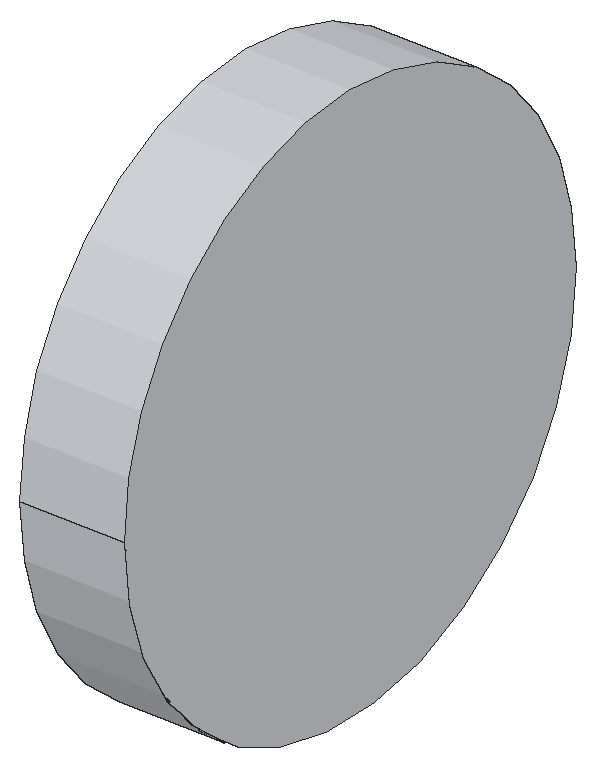
Revit family "89678d5465fe4f78954f64a92e348fc6", category Pipe Fittings, Revit 2021
Family settings
  Round Connector Dimension = Use Radius
  Part Type = Cap
  OmniClass Number = 23.60.30.11.14
  OmniClass Title = Pipework Fittings
  Seek Item ID = Flange - Blind - Steel - Class 1500-0000-USA-ENU
  Work Plane-Based = No
  Always vertical = Yes
  Cut with Voids When Loaded = No
  Shared = No
Parameters (values of type "Standard")
  Tick Size [instance] = Flange Outside Diameter * 0.4  # 1.88976"
  Raised Face Thickness [instance] = 1/4"  # constant formula
  Raised Face Radius [instance] = Raised Face Diameter / 2  # 0.68701"
  Raised Face Diameter [instance] = size_lookup(Lookup Table Name, "RFD", 1.11 * Nominal Diameter + 1 47/128", Nominal Diameter)  # 1.37402"
  Nominal Radius [instance] = 1/4"
  Nominal Diameter [instance] = Nominal Radius * 2  # 1/2"
  Loss Method = Not Defined
  Lookup Table Name = "Flange - Blind - Steel - Class 1500"
  Flange Thickness [instance] = size_lookup(Lookup Table Name, "FThk", 0.31 * Nominal Diameter + 239/256", Nominal Diameter)  # 0.87795"
  Flange Outside Radius [instance] = Flange Outside Diameter / 2  # 2.3622"
  Flange Outside Diameter [instance] = size_lookup(Lookup Table Name, "FOD", 1.77 * Nominal Diameter + 4 23/32", Nominal Diameter)  # 4.72441"
  Default Elevation = 0' - 0"
Reference planes (in)
  plane 1 "Center (Front/Back)": y = 0
  plane 2: z = 0
  plane 3 "Center (Left/Right)": x = 0
  plane 4: x = 0.25
  plane 5: x = 1.12795
  plane 6: y = 1.88976
  plane 7: y = -1.88976
Forms (in)
  Extrusion 1, solid, detail levels fine
    sketch origin (0, 0, 0) x (0, 1, 0) y (0, 0, 1)
      loop
        circle (0, 0) r 0.68701
    from 0 to 0.25
  Extrusion 2, solid, detail levels fine
    sketch origin (0, 0, 0) x (0, 1, 0) y (0, 0, 1)
      loop
        circle (0, 0) r 2.3622
    from 0.25 to 1.12795
Cuts and joins
  joined: Extrusion 1, Extrusion 2
Lines and regions (in)
  model lines, detail levels coarse+medium
    curve 1: line (0, 1.88976, 0) -> (0, -1.88976, 0)
Dimensions and locks (in)
  "Raised Face Thickness": plane 3 "Center (Left/Right)" to plane 4
  "Flange Thickness": plane 4 to plane 5
  equal spacing: plane 6, plane 1 "Center (Front/Back)", plane 7
  "Tick Size": plane 6 to plane 1 "Center (Front/Back)"
  "Raised Face Radius": radius of Extrusion 1 sketch curve
  "Flange Outside Radius": radius of Extrusion 2 sketch curve
  aligned and locked: plane 6 to curve 1
  aligned and locked: plane 7 to curve 1
  aligned and locked: plane 1 "Center (Front/Back)" to Extrusion 1 sketch curve
  aligned and locked: plane 2 to Extrusion 1 sketch curve
  aligned and locked: Extrusion 1 to plane 3 "Center (Left/Right)"
  aligned and locked: plane 4 to Extrusion 1
  aligned and locked: plane 1 "Center (Front/Back)" to Extrusion 2 sketch curve
  aligned and locked: plane 2 to Extrusion 2 sketch curve
  aligned and locked: Extrusion 2 to plane 4
  aligned and locked: plane 5 to Extrusion 2
Automatic sketch dimensions
  curve 1 to plane 6 = 0' - 0"
  curve 1 to plane 3 "Center (Left/Right)" = 0' - 0"
  Extrusion 2 sketch curve to level = 0' - 0"
Connectors (in)
  piping at (0, 0, 0), diameter 0.5, driven by "Nominal Radius"
    settings: on cut or joined group of Extrusion 1, Extrusion 2, index 1, connector inside diameter 1/2", connector length 0' - 0", flow factor 0, pipe flow 0 GPM, pressure drop 0.00 psi, fitting loss kfactor 0, connector angle 0.00°, fixture units 0, engagement length 0' - 0", angle of deflection 0.00°, flow configuration 0, flow direction 0, fitting loss method 0, system type 28, joint type 0, gender type 0, connector reference index -1, connector utility 0, adjustable connector no, is connector primary yes, connector description ""
